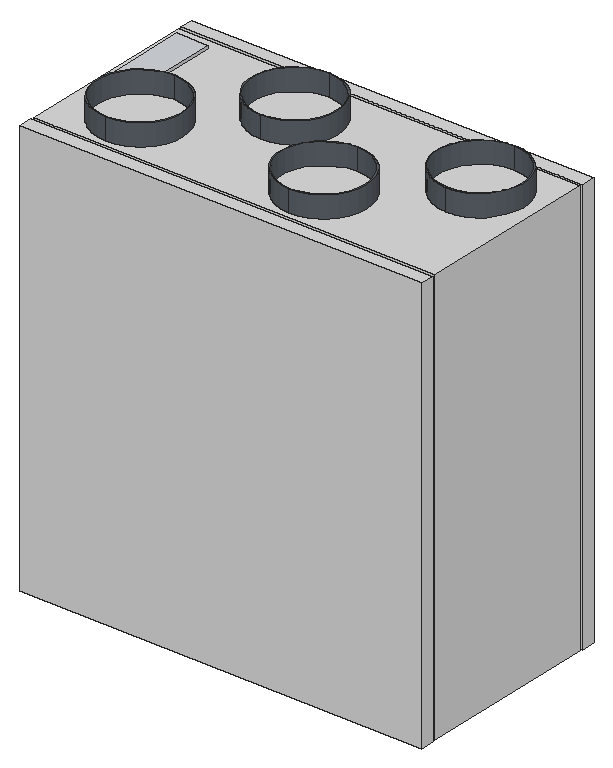
Revit family "Salda Indoor Rotor Vertical AHU.Smarty VER", category Mechanical Equipment, Revit 2016
Family settings
  Part Type = Normal
  Round Connector Dimension = Use Diameter
  OmniClass Number = 23.75.35.14.11
  OmniClass Title = Built-Up Indoor Air Handling Units
  Work Plane-Based = No
  Always vertical = Yes
  Cut with Voids When Loaded = No
  Shared = No
  Room Calculation Point = No
Parameters (values of type "Smarty 2R VER PLUS")
  Voltage = 230 V
  Unit Mass = 36.00 kg
  L4 = 237.7 mm
  Power = 770 W
  Overall Width = 320 mm
  Overall Length = 598 mm
  Overall Height = Module Height + Connector Height  # 653 mm
  URL = "http://salda.lt/en/products/item/5637266076"
  Supply Air [instance] = 0.0 m³/h
  Return Air [instance] = 0.0 m³/h
  Module Height = 620 mm
  Model = "Smarty 2R VER PLUS"
  Maximum Flow Rate = 305.0 m³/h
  Manufacturer = "Salda"
  Keynote = ""
  L1 = 224.5 mm
  L3 = 84 mm
  L2 = 100.4 mm
  Service Area [instance] = no
  Service Area Width = Overall Width * 2  # 640 mm
  Current = 4.13 A
  Kitchen Hood Connector Diameter = 175 mm
  Connector Height = 33 mm
  Connector Back Horizontal Offset = 98 mm
  Connector Diameters = 125 mm
  Connector Front Horizontal Offset = 105.7 mm
Types (3, lengths in mm): name | Power | URL | Model | Maximum Flow Rate | Current
  (no name) | 770 W | "http://salda.lt/en/products/item/5637266076" | "Smarty 2R VER PLUS" | 305.0 m³/h | 4.13 A
  Smarty 2R VER | 750 W | "http://salda.lt/en/products/item/5637255598" | "Smarty 2R VER" | 250.0 m³/h | 3.91 A
  Smarty 2R VER PLUS | 770 W | "http://salda.lt/en/products/item/5637266076" | "Smarty 2R VER PLUS" | 305.0 m³/h | 4.13 A
Reference planes
  plane 1 "Center (Front/Back)": y = 0
  plane 2: z = 0
  plane 3 "Center (Left/Right)": x = 0
  plane 4 "Left": x = 299
  plane 5 "Back": y = -160
  plane 6 "Front": y = 160
  plane 7 "Right": x = -299
  plane 8 "Top": z = 620
  plane 9 "Cover": y = 135
  plane 10 "Back Connectors": y = -62
  plane 11 "Front Connectors": y = 54.3
  plane 12: x = 74.5
  plane 13: x = -198.6
  plane 14: x = 215
  plane 15: x = -61.3
  plane 16: y = -135
  plane 17: y = -800
Forms (mm)
  Extrusion 1, solid, material "Salda. White Metal Paint"
    sketch origin (299, 0, 0) x (0, -1, 0) y (0, 0, 1)
      loop
        line (-135, 0) -> (135, 0) -> (135, 620) -> (-135, 620) -> (-135, 0)
    from 0 to 598
  Extrusion 2, solid, material "Salda. White Metal Paint"
    sketch origin (299, 0, 0) x (0, -1, 0) y (0, 0, 1)
      loop
        line (-160, 620) -> (-160, 0) -> (-140, 0) -> (-140, 620) -> (-160, 620)
    from 0 to 598
  Extrusion 3, solid, material "Salda. Service Zone", visible <- "Service Area"
    sketch origin (299, 0, 0) x (0, -1, 0) y (0, 0, 1)
      loop
        line (160, 0) -> (800, 0) -> (800, 620) -> (160, 620) -> (160, 0)
    from 0 to 598
  Extrusion 4, solid, material "Salda. White Metal Paint"
    sketch origin (299, 0, 0) x (0, -1, 0) y (0, 0, 1)
      loop
        line (160, 620) -> (140, 620) -> (140, 0) -> (160, 0) -> (160, 620)
    from 0 to 598
  Extrusion 5, solid
    sketch origin (0, 0, 620) x (1, 0, 0) y (0, 1, 0)
      loop
        line (-242, -6.286) -> (-242, 119) -> (-288, 119) -> (-288, -6.286) -> (-242, -6.286)
    from 0 to 4.584
Dimensions and locks
  equal spacing: plane 4 "Left", plane 3 "Center (Left/Right)", plane 7 "Right"
  "Overall Length": plane 4 "Left" to plane 7 "Right"
  equal spacing: plane 5 "Back", plane 1 "Center (Front/Back)", plane 6 "Front"
  "Overall Width": plane 6 "Front" to plane 5 "Back"
  "Module Height": plane 8 "Top" to plane 2
  locked: plane 6 "Front" to plane 9 "Cover" at 25
  locked: Extrusion 2 sketch curve to Extrusion 2 sketch curve at 20
  "L1": plane 4 "Left" to plane 12
  "L2": plane 13 to plane 7 "Right"
  "Connector Front Horizontal Offset": plane 6 "Front" to plane 11 "Front Connectors"
  "Connector Back Horizontal Offset": plane 5 "Back" to plane 10 "Back Connectors"
  "L3": plane 4 "Left" to plane 14
  "L4": plane 15 to plane 7 "Right"
  locked: plane 16 to plane 5 "Back" at 25
  locked: Extrusion 4 sketch curve to Extrusion 4 sketch curve at 20
  locked: Extrusion 5 sketch curve to Extrusion 5 sketch curve at 46
  locked: Extrusion 5 sketch curve to Extrusion 5 sketch curve at 125.286
  locked: plane 6 "Front" to Extrusion 5 sketch curve at 41
  locked: Extrusion 5 sketch curve to plane 7 "Right" at 11
  locked: nested 5 to plane 7 "Right" at 49
  "Service Area Width": plane 17 to plane 5 "Back"
  aligned and locked: level to plane 2
  aligned and locked: Extrusion 1 sketch curve to plane 8 "Top"
  aligned and locked: level to Extrusion 1 sketch curve
  aligned and locked: Extrusion 1 sketch curve to plane 9 "Cover"
  aligned and locked: Extrusion 2 sketch curve to plane 8 "Top"
  aligned and locked: Extrusion 2 sketch curve to plane 6 "Front"
  aligned and locked: plane 7 "Right" to Extrusion 2
  aligned and locked: plane 4 "Left" to Extrusion 2
  aligned and locked: plane 12 to nested 1
  aligned and locked: plane 10 "Back Connectors" to nested 1
  aligned and locked: plane 11 "Front Connectors" to nested 3
  aligned and locked: plane 11 "Front Connectors" to nested 4
  aligned and locked: plane 14 to nested 3
  aligned and locked: plane 15 to nested 4
  aligned and locked: plane 10 "Back Connectors" to nested 2
  aligned and locked: plane 13 to nested 2
  aligned and locked: plane 8 "Top" to Extrusion 3 sketch curve
  aligned and locked: level to Extrusion 2 sketch curve
  aligned and locked: Extrusion 1 to plane 16
  aligned and locked: plane 5 "Back" to Extrusion 4 sketch curve
  aligned and locked: plane 2 to Extrusion 4 sketch curve
  aligned and locked: Extrusion 4 sketch curve to plane 8 "Top"
  aligned and locked: plane 7 "Right" to Extrusion 4
  aligned and locked: plane 4 "Left" to Extrusion 4
  aligned and locked: nested 6 to plane 1 "Center (Front/Back)"
  aligned and locked: nested 6 to plane 3 "Center (Left/Right)"
  aligned and locked: plane 7 "Right" to Extrusion 1
  aligned and locked: plane 4 "Left" to Extrusion 1
  aligned and locked: plane 11 "Front Connectors" to nested 5
  aligned and locked: Extrusion 3 sketch curve to plane 5 "Back"
  aligned and locked: plane 17 to Extrusion 3 sketch curve
  aligned and locked: Extrusion 3 to plane 4 "Left"
  aligned and locked: Extrusion 3 to plane 7 "Right"
Automatic sketch dimensions
  plane 16 to Extrusion 1 sketch curve = 0 mm
  Extrusion 3 sketch curve to level = 0 mm
Nested families
  nested 1: "Duct Connector Vertical" at (74.5, -62, 620) x (0, 1, 0) z (0, 0, 1), type "Duct Connector Vertical D125"
  nested 2: "Duct Connector Vertical" at (-198.6, -62, 620) x (0, 1, 0) z (0, 0, 1), type "Duct Connector Vertical D125"
  nested 3: "Duct Connector Vertical" at (215, 54.3, 620) x (0, 1, 0) z (0, 0, 1), type "Duct Connector Vertical D125"
  nested 4: "Duct Connector Vertical" at (-61.3, 54.3, 620) x (0, 1, 0) z (0, 0, 1), type "Duct Connector Vertical D125"
  nested 5: "Pipe Connector" at (-250, 54.3, 0), type "Pipe Connector", detail levels fine
  nested 6: "Duct Connector Vertical" at (0, 0, 0) x (0, -1, 0) z (0, 0, -1), type "Duct Connector Vertical D175"
Connectors
  hvac at (74.5, -62, 652), driven by "Connector Diameters", driven by "Supply Air"
    settings: on nested 1, index 1, duct flow 0.0 m³/h, flow factor 0, pres drop 0.0 Pa, loss coef 0, conn angle 0.00°, conn width 304.8 mm, conn height 304.8 mm, conn diameter 125 mm, duct sys type 1, conn prof type 0, flow config 0, flow direction 2, loss method 0, conn ref index 2, conn util no, is conn primary yes, conn desc "Supply Air"
  hvac at (215, 54.3, 652), driven by "Connector Diameters"
    settings: on nested 3, index 2, duct flow 0.0 m³/h, flow factor 0, pres drop 0.0 Pa, loss coef 0, conn angle 0.00°, conn width 304.8 mm, conn height 304.8 mm, conn diameter 125 mm, duct sys type 4, conn prof type 0, flow config 0, flow direction 1, loss method 0, conn ref index 1, conn util no, is conn primary no, conn desc "Fresh Air"
  hvac at (-61.3, 54.3, 652), driven by "Return Air", driven by "Connector Diameters"
    settings: on nested 4, index 3, duct flow 0.0 m³/h, flow factor 0, pres drop 0.0 Pa, loss coef 0, conn angle 0.00°, conn width 304.8 mm, conn height 304.8 mm, conn diameter 125 mm, duct sys type 2, conn prof type 0, flow config 0, flow direction 1, loss method 0, conn ref index 4, conn util no, is conn primary no, conn desc "Extract Air"
  hvac at (-198.6, -62, 652), driven by "Connector Diameters"
    settings: on nested 2, index 4, duct flow 0.0 m³/h, flow factor 0, pres drop 0.0 Pa, loss coef 0, conn angle 0.00°, conn width 304.8 mm, conn height 304.8 mm, conn diameter 125 mm, duct sys type 3, conn prof type 0, flow config 0, flow direction 2, loss method 0, conn ref index 3, conn util no, is conn primary no, conn desc "Exhaust Air"
  piping at (-250, 54.3, -16.664), diameter 20
    settings: on nested 5, index 5, connector inside diameter 609.6 mm, connector length 0 mm, flow factor 0, pipe flow 0.0 L/s, pressure drop 0.0 Pa, fitting loss kfactor 0, connector angle 0.00°, fixture units 0, engagement length 0 mm, angle of deflection 0.00°, flow configuration 0, flow direction 2, fitting loss method 0, system type 16, joint type 0, gender type 0, connector reference index -1, connector utility 0, adjustable connector no, is connector primary yes, connector description ""
  electrical at (-265, 56.357, 624.584), driven by "Voltage", driven by "Power"
    settings: on Extrusion 5, index 6, voltage 230 V, apparent load 0 VA, apparent load phase1 770 VA, apparent load phase2 0 VA, apparent load phase3 0 VA, power factor 1, load classification "HVAC", number of poles 1, system type 31, power factor state 1, is connector primary yes, connector utility no, sub classification motor no, connector description ""
  hvac at (0, 0, -32), driven by "Kitchen Hood Connector Diameter"
    settings: on nested 6, index 7, duct flow 0.0 m³/h, flow factor 0, pres drop 0.0 Pa, loss coef 0, conn angle 0.00°, conn width 304.8 mm, conn height 304.8 mm, conn diameter 175 mm, duct sys type 4, conn prof type 0, flow config 0, flow direction 1, loss method 0, conn ref index -1, conn util no, is conn primary no, conn desc "Kitchen Hood"
Definition of nested family "Duct Connector Vertical"
  Parameters (values of type "Duct Connector Vertical D175")
    Radius = Diameter / 2  # 87.5 mm
    Diameter = 175 mm
    Default Elevation = 1219.2 mm
  Types (2, lengths in mm): name | Radius | Diameter
    Duct Connector Vertical D175 | 87.5 | 175
    Duct Connector Vertical D125 | 62.5 | 125
  Reference planes
    plane 1 "Center (Front/Back)": y = 0
    plane 2: z = 0
    plane 3 "Center (Left/Right)": x = 0
  Forms (mm)
    Extrusion 1, solid
      sketch origin (0, 0, 0) x (1, 0, 0) y (0, 1, 0)
        loop
          line (-1219.2, 1219.2) -> (-1219.2, -1219.2) -> (1219.2, -1219.2) -> (1219.2, 1219.2) -> (-1219.2, 1219.2)
      from 0 to -304.8
    Revolve 2, solid
      sketch origin (0, 0, 0) x (1, 0, 0) y (0, 0, 1)
        loop
          line (87.5, 0) -> (89.04, 0) -> (89.04, 32) -> (87.5, 32) -> (87.5, 0)
        axis (0, 32) -> (0, 0)
      angle from 0 to 360
  Dimensions and locks
    "Radius": Revolve 2 sketch curve to plane 3 "Center (Left/Right)"
    aligned and locked: plane 2 to Extrusion 1
    aligned and locked: level to Extrusion 1
    aligned and locked: plane 2 to Revolve 2
  Automatic sketch dimensions
    Extrusion 1 sketch curve to Extrusion 1 sketch curve = 2438.4 mm  (x2)
    Revolve 2 sketch curve to plane 3 "Center (Left/Right)" = 0 mm
    Revolve 2 sketch curve to level = 0 mm
    Revolve 2 sketch curve to Revolve 2 sketch curve = 1.54 mm
    level to Revolve 2 sketch curve = 32 mm
    Revolve 2 sketch curve to level = 609.6 mm
    Revolve 2 sketch curve to Revolve 2 sketch curve = 2578.914 mm
Definition of nested family "Pipe Connector"
  Reference planes
    plane 1 "Center (Front/Back)": y = 0
    plane 2: z = 0
    plane 3 "Center (Left/Right)": x = 0
  Forms (mm)
    Revolve 1, solid
      sketch origin (0, 0, 0) x (0, 0, -1) y (-1, 0, 0)
        loop
          line (0, 0) -> (0, -11.588) -> (16.664, -11.588) -> (16.664, -9.539) -> (1.664, -9.539) -> (1.664, 0) -> (0, 0)
        axis (0, 0) -> (16.664, 0)
      angle from 0 to 360
  Dimensions and locks
    aligned and locked: level to plane 2
